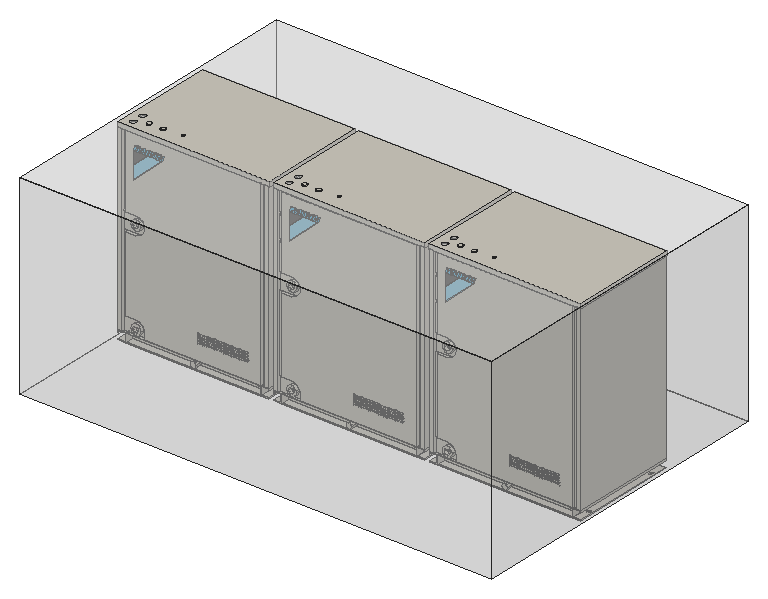
Revit family "outputfile", category 機械設備, Revit 2024
Family settings
  丸型コネクタ寸法 = 半径を使用
  種別 = なし
  パーツ タイプ = 標準
  OmniClass 番号 = 23.75.10.24.21.27.27
  OmniClass タイトル = Split System Air Conditioning Units
  作業面ベース = いいえ
  常に垂直 = はい
  ロード時にボイドで切り取り = いいえ
  注釈の向きを維持 = いいえ
  共有 = いいえ
  部屋計算ポイント = いいえ
Parameters (values of type "RWEYQ36TY1S")
  製造元 = "Daikin"
  書き出し IFC クラス(タイプ) = "IfcUnitaryEquipmentType"
  定義済み IFC タイプ(タイプ) = "AIRCONDITIONINGUNIT"
  モデル = "RWEYQ36TY1S"
  w_unit3 = 780.0 mm
  w_unit2 = 780.0 mm
  w_unit1 = 780.0 mm
  switch_unit3_6-8 [instance] = if(Reverse_ModuleSequence, if(default_unit1 = 1, 1 = 1, 1 = 0), if(default_unit3 = 1, 1 = 1, 1 = 0))  # no
  switch_unit3_12 [instance] = if(Reverse_ModuleSequence, if(default_unit1 = 3, 1 = 1, 1 = 0), if(default_unit3 = 3, 1 = 1, 1 = 0))  # yes
  switch_unit3_10 [instance] = if(Reverse_ModuleSequence, if(default_unit1 = 2, 1 = 1, 1 = 0), if(default_unit3 = 2, 1 = 1, 1 = 0))  # no
  switch_unit2_6-8 [instance] = if(default_unit2 = 1, 1 = 1, 1 = 0)  # no
  switch_unit2_12 [instance] = if(default_unit2 = 3, 1 = 1, 1 = 0)  # yes
  switch_unit2_10 [instance] = if(default_unit2 = 2, 1 = 1, 1 = 0)  # no
  switch_unit1_6-8 [instance] = if(Reverse_ModuleSequence, if(default_unit3 = 1, 1 = 1, 1 = 0), if(default_unit1 = 1, 1 = 1, 1 = 0))  # no
  switch_unit1_12 [instance] = if(Reverse_ModuleSequence, if(default_unit3 = 3, 1 = 1, 1 = 0), if(default_unit1 = 3, 1 = 1, 1 = 0))  # yes
  switch_unit1_10 [instance] = if(Reverse_ModuleSequence, if(default_unit3 = 2, 1 = 1, 1 = 0), if(default_unit1 = 2, 1 = 1, 1 = 0))  # no
  default_Water Outlet Pipe Connection_Unit 3 = 31.8 mm
  default_Water Outlet Pipe Connection_Unit 2 = 31.8 mm
  default_Water Outlet Pipe Connection_Unit 1 = 31.8 mm
  default_Water Inlet Pipe Connection_Unit 3 = 31.8 mm
  default_Water Inlet Pipe Connection_Unit 2 = 31.8 mm
  default_Water Inlet Pipe Connection_Unit 1 = 31.8 mm
  angle_Drain [instance] = if(Rear Connection_Drain, 180.00°, 0.00°)  # 0.00°
  r_Water Outlet Pipe Connection_unit3 [instance] = Water Outlet Pipe Connection_Unit3 / 2  # 15.9 mm
  r_Water Outlet Pipe Connection_unit2 [instance] = Water Outlet Pipe Connection_Unit2 / 2  # 15.9 mm
  r_Water Outlet Pipe Connection_unit1 [instance] = Water Outlet Pipe Connection_Unit1 / 2  # 15.9 mm
  r_Water Inlet Pipe Connection_unit3 [instance] = Water Inlet Pipe Connection_Unit3 / 2  # 15.9 mm
  r_Water Inlet Pipe Connection_unit2 [instance] = Water Inlet Pipe Connection_Unit2 / 2  # 15.9 mm
  r_Water Inlet Pipe Connection_unit1 [instance] = Water Inlet Pipe Connection_Unit1 / 2  # 15.9 mm
  r_Liquid Pipe Size_unit3 [instance] = Liquid Pipe Size_Unit 3 / 2  # 6.35 mm
  r_Liquid Pipe Size_unit2 [instance] = Liquid Pipe Size_Unit 2 / 2  # 6.35 mm
  r_HP/LP Gas Pipe Size_unit3 [instance] = [HP/LP Gas Pipe Size_Unit 3] / 2  # 11.1 mm
  r_HP/LP Gas Pipe Size_unit2 [instance] = [HP/LP Gas Pipe Size_Unit 2] / 2  # 11.1 mm
  r_HP/LP Gas Pipe Size_unit1 [instance] = [HP/LP Gas Pipe Size_Unit 1] / 2  # 11.1 mm
  r_Gas Pipe Size_unit3 [instance] = Gas Pipe Size_Unit 3 / 2  # 11.1 mm
  r_Gas Pipe Size_unit2 [instance] = Gas Pipe Size_Unit 2 / 2  # 11.1 mm
  r_Drain Pipe Size = Drain Pipe Size / 2  # 6.35 mm
  lw_powersupply3 = 51.0 mm
  lw_powersupply2 = 51.0 mm
  lw_liquidpipe3 = 274.0 mm
  lw_liquidpipe2 = 274.0 mm
  lw_gaspipe3 [instance] = if(Heat Pump, 107.0 mm, 178.0 mm)  # 107.0 mm
  lw_gaspipe2 [instance] = if(Heat Pump, 107.0 mm, 178.0 mm)  # 107.0 mm
  lw_Water Outlet3 = 95.0 mm
  lw_Water Outlet2 = 95.0 mm
  lw_Water Outlet1 = 95.0 mm
  lw_Water Inlet3 = 95.0 mm
  lw_Water Inlet2 = 95.0 mm
  lw_Water Inlet1 = 95.0 mm
  lw_HP/LP Gas Pipe3 [instance] = if(Heat Pump, 178.0 mm, 107.0 mm)  # 178.0 mm
  lw_HP/LP Gas Pipe2 [instance] = if(Heat Pump, 178.0 mm, 107.0 mm)  # 178.0 mm
  lw_HP/LP Gas Pipe1 [instance] = if(Heat Pump, 178.0 mm, 107.0 mm)  # 178.0 mm
  lw_Drain3 = 390.0 mm
  lw_Drain2 = 390.0 mm
  lw_Drain1 = 390.0 mm
  ld_HP/LP Gas Pipe = 69.0 mm
  h_mountinghole = [h_***] + 2.3 mm  # 2.3 mm
  r_Liquid Pipe Size_unit1 [instance] = Liquid Pipe Size_Unit 1 / 2  # 6.35 mm
  r_Gas Pipe Size_unit1 [instance] = Gas Pipe Size_Unit 1 / 2  # 11.1 mm
  distance_unit2-3 [instance] = 20.0 mm
  distance_unit1-2 [instance] = 20.0 mm
  default_unit3 = 3
  default_unit2 = 3
  default_unit1 = 3
  default_Model_Unit 3 = "RWEYQ12TY1S"
  default_Model_Unit 2 = "RWEYQ12TY1S"
  default_Model_Unit 1 = "RWEYQ12TY1S"
  default_Liquid Pipe Size_Unit 3 = 12.7 mm
  default_Liquid Pipe Size_Unit 2 = 12.7 mm
  default_Liquid Pipe Size_Unit 1 = 12.7 mm
  default_HP/LP Gas Pipe Size_Unit 3 [instance] = if(and(Heat Pump, [switch_unit3_6-8]), 19.1 mm, if(and(Heat Pump, switch_unit3_10), 22.2 mm, if(and(Heat Pump, switch_unit3_12), 22.2 mm, if(and(Heat Recovery, [switch_unit3_6-8]), 15.9 mm, if(and(Heat Recovery, switch_unit3_10), 19.1 mm, if(and(Heat Recovery, switch_unit3_12), 19.1 mm, 19.1 mm))))))  # 22.2 mm
  default_HP/LP Gas Pipe Size_Unit 2 [instance] = if(and(Heat Pump, [switch_unit2_6-8]), 19.1 mm, if(and(Heat Pump, switch_unit2_10), 22.2 mm, if(and(Heat Pump, switch_unit2_12), 22.2 mm, if(and(Heat Recovery, [switch_unit2_6-8]), 15.9 mm, if(and(Heat Recovery, switch_unit2_10), 19.1 mm, if(and(Heat Recovery, switch_unit2_12), 19.1 mm, 19.1 mm))))))  # 22.2 mm
  default_HP/LP Gas Pipe Size_Unit 1 [instance] = if(and(Heat Pump, [switch_unit1_6-8]), 19.1 mm, if(and(Heat Pump, switch_unit1_10), 22.2 mm, if(and(Heat Pump, switch_unit1_12), 22.2 mm, if(and(Heat Recovery, [switch_unit1_6-8]), 15.9 mm, if(and(Heat Recovery, switch_unit1_10), 19.1 mm, if(and(Heat Recovery, switch_unit1_12), 19.1 mm, 19.1 mm))))))  # 22.2 mm
  default_Gas Pipe Size_Unit 3 = 22.2 mm
  default_Gas Pipe Size_Unit 2 = 22.2 mm
  default_Gas Pipe Size_Unit 1 = 22.2 mm
  Water Outlet Pipe Connection_Unit3 [instance] = if(Reverse_ModuleSequence, default_Water Outlet Pipe Connection_Unit 1, default_Water Outlet Pipe Connection_Unit 3)  # 31.8 mm
  Water Outlet Pipe Connection_Unit2 [instance] = if(Reverse_ModuleSequence, default_Water Inlet Pipe Connection_Unit 2, default_Water Inlet Pipe Connection_Unit 2)  # 31.8 mm
  Water Outlet Pipe Connection_Unit1 [instance] = if(Reverse_ModuleSequence, default_Water Outlet Pipe Connection_Unit 3, default_Water Outlet Pipe Connection_Unit 1)  # 31.8 mm
  Water Inlet Pipe Connection_Unit3 [instance] = if(Reverse_ModuleSequence, default_Water Inlet Pipe Connection_Unit 1, default_Water Inlet Pipe Connection_Unit 3)  # 31.8 mm
  Water Inlet Pipe Connection_Unit2 [instance] = if(Reverse_ModuleSequence, default_Water Outlet Pipe Connection_Unit 2, default_Water Outlet Pipe Connection_Unit 2)  # 31.8 mm
  Water Inlet Pipe Connection_Unit1 [instance] = if(Reverse_ModuleSequence, default_Water Inlet Pipe Connection_Unit 3, default_Water Inlet Pipe Connection_Unit 1)  # 31.8 mm
  Voltage_comment_50Hz = "380-415"
  Voltage_50Hz = 400 V
  Top Connection_powersupply2 [instance] = not(Top Connection_powersupply1)  # no
  Sound Power Level (dB) = 77
  Reverse_ModuleSequence [instance] = no
  Rear Connection_Drain [instance] = not(Front Connection_Drain)  # no
  Power Input (Heating) = 23.600 kW
  Phase_50Hz = 3
  Nominal Heating Capacity = 113.000 kW
  Model_Unit 3 [instance] = if(Reverse_ModuleSequence, default_Model_Unit 1, default_Model_Unit 3)  # "RWEYQ12TY1S"
  Model_Unit 2 [instance] = if(Reverse_ModuleSequence, default_Model_Unit 2, default_Model_Unit 2)  # "RWEYQ12TY1S"
  Model_Unit 1 [instance] = if(Reverse_ModuleSequence, default_Model_Unit 3, default_Model_Unit 1)  # "RWEYQ12TY1S"
  Minimum Circuit Amps_50Hz = 40.9 A
  Maximum Fuse Amps_50Hz = 45.0 A
  Material_Heat Exchanger = DAIKIN_Blue_HE_outdoorunit
  Material_Casing = DAIKIN_IvoryWhite_Casing_outdoorunit
  lw_powersupply1 = 51.0 mm
  lw_liquidpipe1 = 274.0 mm
  lw_gaspipe1 [instance] = if(Heat Pump, 107.0 mm, 178.0 mm)  # 107.0 mm
  lh_powersupply = 940.0 mm
  ld_powersupply [instance] = if(Top Connection_powersupply1, 38.0 mm, 98.0 mm)  # 38.0 mm
  ld_liquidpipe = 79.0 mm
  ld_gaspipe = 69.0 mm
  h_*** = 0.0 mm
  Width [instance] = [distance_unit1-2] + [distance_unit2-3] + w_unit1 + w_unit2 + w_unit3  # 2380.0 mm
  Version = "ver.1.0"
  Unit Type = ""
  Unit Mass Weight = 441.00 kg
  Unit Designation [instance] = ""
  Uniclass2015Version = "Products v1.30"
  Uniclass2015Title = "Variable refrigerant flow units"
  Uniclass2015Code = "Pr_70_65_03_94"
  Total Cooling Capacity [instance] = 0.000 kW
  Sound Pressure Level (dBA) = 58
  Series = "VRV Heat Recovery"
  Refrigerant_Base Charge = 12.600 kg
  Refrigerant_Additional Charge [instance] = 0.000 kg
  Refrigerant Type = "R410A"
  Power Input (Cooling) = 22.000 kW
  Option Accessory 3 [instance] = ""
  Option Accessory 2 [instance] = ""
  Option Accessory 1 [instance] = ""
  Nominal Cooling Capacity = 101.000 kW
  Load Classification = HVAC
  Liquid Pipe Size_Unit 3 [instance] = if(Reverse_ModuleSequence, default_Liquid Pipe Size_Unit 1, default_Liquid Pipe Size_Unit 3)  # 12.7 mm
  Liquid Pipe Size_Unit 2 [instance] = if(Reverse_ModuleSequence, default_Liquid Pipe Size_Unit 2, default_Liquid Pipe Size_Unit 2)  # 12.7 mm
  Liquid Pipe Size_Unit 1 [instance] = if(Reverse_ModuleSequence, default_Liquid Pipe Size_Unit 3, default_Liquid Pipe Size_Unit 1)  # 12.7 mm
  Link_Nested Family [instance] = ""
  Intermediate Liquid Pipe Size_Unit1-2 = 19.1 mm
  Intermediate HP/LP Gas Pipe Size_Unit1-2 = 22.2 mm
  Intermediate Gas Pipe Size_Unit1-2 = 28.6 mm
  IfcVersion = ""
  IfcExportType = "AIRCONDITIONINGUNIT"
  IfcExportAs = "IfcUnitaryEquipmentType"
  Height = 1000.0 mm
  Heat Recovery [instance] = not(Heat Pump)  # no
  Heat Pump [instance] = yes
  Heat Exchanger Type = "Stainless Steel Plate"
  HP/LP Gas Pipe Size_Unit 3 [instance] = [default_HP/LP Gas Pipe Size_Unit 3]  # 22.2 mm
  HP/LP Gas Pipe Size_Unit 2 [instance] = [default_HP/LP Gas Pipe Size_Unit 2]  # 22.2 mm
  HP/LP Gas Pipe Size_Unit 1 [instance] = [default_HP/LP Gas Pipe Size_Unit 1]  # 22.2 mm
  Gas Pipe Size_Unit 3 [instance] = if(Reverse_ModuleSequence, default_Gas Pipe Size_Unit 1, default_Gas Pipe Size_Unit 3)  # 22.2 mm
  Gas Pipe Size_Unit 2 [instance] = if(Reverse_ModuleSequence, default_Gas Pipe Size_Unit 2, default_Gas Pipe Size_Unit 2)  # 22.2 mm
  Gas Pipe Size_Unit 1 [instance] = if(Reverse_ModuleSequence, default_Gas Pipe Size_Unit 3, default_Gas Pipe Size_Unit 1)  # 22.2 mm
  Top Connection_powersupply1 [instance] = yes
  Front Connection_Drain [instance] = yes
  Frequency_50Hz = 50 Hz
  Drain Pipe Size = 12.7 mm
  Depth = 550.0 mm
  既定の高さ = 0.0 mm
  Cooling Ambient Wet Bulb Temperature [instance] = 0.00 °C
  Cooling Ambient Dry Bulb Temperature [instance] = 0.00 °C
  Compressor Type = "Hermetically Sealed Scroll Type"
  Clearance visibility [instance] = yes
  Clearance Top = 0.0 mm
  Clearance Right = 20.0 mm
  Clearance Rear = 500.0 mm
  Clearance Left = 20.0 mm
  Clearance Front = 600.0 mm
  Clearance Bottom = 0.0 mm
  CU Tag No. [instance] = ""
Reference planes
  plane 1 "Center (Front/Back)": y = 0
  plane 2 "h_***": z = 0
  plane 3 "Center (Left/Right)": x = 0
  plane 4 "Back": y = 275
  plane 5 "Front": y = -275
  plane 6 "Left": x = -390
  plane 7 "w_unit1": x = 390
  plane 8 "Top": z = 1000
  plane 9 "Clearance Rear": y = 775
  plane 10 "Clearance Front": y = -875
  plane 11 "Clearance Left": x = -410
  plane 12 "Clearance Right": x = 2010
  plane 13 "Clearance Top": z = 1000
  plane 14 "Clearance Bottom": z = 0
  plane 15 "Bottom": z = 0
  plane 16 "lw_powersupply1": x = -339
  plane 17 "ld_powersupply": y = -237
  plane 18 "lw_liquidpipe1": x = -116
  plane 19 "Rear Connection_refrigetant": y = -196
  plane 20 "lw_gaspipe1": x = -283
  plane 21 "ld_gaspipe": y = -206
  plane 22 "lh_logo": z = 900
  plane 23 "lw_logo": x = 100
  plane 24 "lh_powersupply": z = 940
  plane 25 "lw_HP/LP Gas Pipe1": x = -212
  plane 26 "ld_HP/LP Gas Pipe": y = -206
  plane 27 "l_unit2": x = 410
  plane 28 "w_unit2": x = 1190
  plane 29 "lw_powersupply2": x = 461
  plane 30 "lw_liquidpipe2": x = 684
  plane 31 "lw_gaspipe2": x = 517
  plane 32 "lw_HP/LP Gas Pipe2": x = 588
  plane 33 "Right": x = 1990
  plane 34 "叴": x = 1210
  plane 35 "叵": x = 1261
  plane 36 "叶": x = 1484
  plane 37 "号": x = 1317
  plane 38 "司": x = 1388
  plane 39 "lw_Water Inlet1": x = -295
  plane 40 "lw_Water Inlet2": x = 505
  plane 41 "lw_Water Inlet3": x = 1305
  plane 42 "lw_Water Outlet1": x = -295
  plane 43 "lw_Water Outlet2": x = 505
  plane 44 "lw_Water Outlet3": x = 1305
  plane 45 "lw_Drain1": x = 0
  plane 46 "lw_Drain2": x = 800
  plane 47 "lw_Drain3": x = 1600
Dimensions and locks
  equal spacing: plane 4 "Back", plane 1 "Center (Front/Back)", plane 5 "Front"
  "Depth": plane 4 "Back" to plane 5 "Front"
  equal spacing: plane 6 "Left", plane 3 "Center (Left/Right)", plane 7 "w_unit1"
  "w_unit1": plane 6 "Left" to plane 7 "w_unit1"
  "Clearance Rear": plane 9 "Clearance Rear" to plane 4 "Back"
  "Clearance Front": plane 10 "Clearance Front" to plane 5 "Front"
  "Clearance Left": plane 11 "Clearance Left" to plane 6 "Left"
  "Clearance Top": plane 13 "Clearance Top" to plane 8 "Top"
  "h_***": plane 15 "Bottom" to plane 2 "h_***"
  "Height": plane 8 "Top" to plane 15 "Bottom"
  "Clearance Bottom": plane 15 "Bottom" to plane 14 "Clearance Bottom"
  "ld_powersupply": plane 17 "ld_powersupply" to plane 5 "Front"
  "ld_liquidpipe": plane 19 "Rear Connection_refrigetant" to plane 5 "Front"
  "ld_gaspipe": plane 21 "ld_gaspipe" to plane 5 "Front"
  locked: plane 23 "lw_logo" to plane 7 "w_unit1" at 290
  locked: plane 22 "lh_logo" to plane 15 "Bottom" at 900
  "lw_gaspipe1": plane 6 "Left" to plane 20 "lw_gaspipe1"
  "lw_liquidpipe1": plane 6 "Left" to plane 18 "lw_liquidpipe1"
  "lw_powersupply1": plane 6 "Left" to plane 16 "lw_powersupply1"
  "lh_powersupply": plane 24 "lh_powersupply" to plane 15 "Bottom"
  "lw_HP/LP Gas Pipe1": plane 6 "Left" to plane 25 "lw_HP/LP Gas Pipe1"
  "ld_HP/LP Gas Pipe": plane 26 "ld_HP/LP Gas Pipe" to plane 5 "Front"
  "distance_unit1-2": plane 7 "w_unit1" to plane 27 "l_unit2"
  "lw_powersupply2": plane 27 "l_unit2" to plane 29 "lw_powersupply2"
  "lw_HP/LP Gas Pipe2": plane 27 "l_unit2" to plane 32 "lw_HP/LP Gas Pipe2"
  "lw_gaspipe2": plane 27 "l_unit2" to plane 31 "lw_gaspipe2"
  "lw_liquidpipe2": plane 27 "l_unit2" to plane 30 "lw_liquidpipe2"
  "w_unit2": plane 27 "l_unit2" to plane 28 "w_unit2"
  "distance_unit2-3": plane 28 "w_unit2" to plane 34 "叴"
  "Width": plane 6 "Left" to plane 33 "Right"
  "Clearance Right": plane 33 "Right" to plane 12 "Clearance Right"
  "lw_powersupply3": plane 34 "叴" to plane 35 "叵"
  "lw_HP/LP Gas Pipe3": plane 34 "叴" to plane 38 "司"
  "lw_gaspipe3": plane 34 "叴" to plane 37 "号"
  "lw_liquidpipe3": plane 34 "叴" to plane 36 "叶"
  "lw_Water Inlet1": plane 6 "Left" to plane 39 "lw_Water Inlet1"
  "lw_Water Inlet2": plane 27 "l_unit2" to plane 40 "lw_Water Inlet2"
  "lw_Water Inlet3": plane 34 "叴" to plane 41 "lw_Water Inlet3"
  "lw_Water Outlet1": plane 6 "Left" to plane 42 "lw_Water Outlet1"
  "lw_Water Outlet2": plane 27 "l_unit2" to plane 43 "lw_Water Outlet2"
  "lw_Water Outlet3": plane 34 "叴" to plane 44 "lw_Water Outlet3"
  "lw_Drain1": plane 6 "Left" to plane 45 "lw_Drain1"
  "lw_Drain2": plane 27 "l_unit2" to plane 46 "lw_Drain2"
  "lw_Drain3": plane 34 "叴" to plane 47 "lw_Drain3"
  aligned and locked: level to plane 2 "h_***"
  aligned and locked: nested 2 to plane 9 "Clearance Rear"
  aligned and locked: nested 2 to plane 10 "Clearance Front"
  aligned and locked: plane 11 "Clearance Left" to nested 2
  aligned and locked: plane 12 "Clearance Right" to nested 2
  aligned and locked: nested 2 to plane 13 "Clearance Top"
  aligned and locked: nested 2 to plane 14 "Clearance Bottom"
  aligned and locked: plane 8 "Top" to nested 1
  aligned and locked: plane 22 "lh_logo" to nested 7
  aligned and locked: nested 8 to plane 16 "lw_powersupply1"
  aligned and locked: nested 9 to plane 20 "lw_gaspipe1"
  aligned and locked: nested 10 to plane 18 "lw_liquidpipe1"
  aligned and locked: nested 10 to plane 19 "Rear Connection_refrigetant"
  aligned and locked: nested 9 to plane 21 "ld_gaspipe"
  aligned and locked: nested 8 to plane 17 "ld_powersupply"
  aligned and locked: plane 5 "Front" to nested 7
  aligned and locked: plane 24 "lh_powersupply" to nested 8
  aligned and locked: plane 27 "l_unit2" to nested 11
  aligned and locked: nested 17 to plane 29 "lw_powersupply2"
  aligned and locked: nested 17 to plane 17 "ld_powersupply"
  aligned and locked: nested 18 to plane 31 "lw_gaspipe2"
  aligned and locked: nested 18 to plane 26 "ld_HP/LP Gas Pipe"
  aligned and locked: plane 1 "Center (Front/Back)" to nested 20
  aligned and locked: plane 34 "叴" to nested 20
  aligned and locked: nested 27 to plane 35 "叵"
  aligned and locked: nested 28 to plane 37 "号"
  aligned and locked: nested 26 to plane 36 "叶"
  aligned and locked: plane 17 "ld_powersupply" to nested 27
  aligned and locked: plane 21 "ld_gaspipe" to nested 28
  aligned and locked: plane 19 "Rear Connection_refrigetant" to nested 26
  aligned and locked: nested 27 to plane 24 "lh_powersupply"
  aligned and locked: plane 39 "lw_Water Inlet1" to nested 29
  aligned and locked: plane 40 "lw_Water Inlet2" to nested 30
  aligned and locked: plane 41 "lw_Water Inlet3" to nested 31
  aligned and locked: plane 42 "lw_Water Outlet1" to nested 32
  aligned and locked: plane 43 "lw_Water Outlet2" to nested 33
  aligned and locked: plane 44 "lw_Water Outlet3" to nested 34
  aligned and locked: plane 45 "lw_Drain1" to nested 35
  aligned and locked: plane 46 "lw_Drain2" to nested 36
  aligned and locked: plane 47 "lw_Drain3" to nested 37
  aligned and locked: plane 1 "Center (Front/Back)" to nested 29
  aligned and locked: plane 1 "Center (Front/Back)" to nested 32
  aligned and locked: plane 1 "Center (Front/Back)" to nested 31
  aligned and locked: plane 1 "Center (Front/Back)" to nested 30
  aligned and locked: plane 1 "Center (Front/Back)" to nested 33
  aligned and locked: plane 1 "Center (Front/Back)" to nested 35
  aligned and locked: plane 1 "Center (Front/Back)" to nested 34
  aligned and locked: plane 1 "Center (Front/Back)" to nested 37
  aligned and locked: plane 1 "Center (Front/Back)" to nested 36
  aligned and locked: plane 25 "lw_HP/LP Gas Pipe1" to nested 38
  aligned and locked: plane 32 "lw_HP/LP Gas Pipe2" to nested 39
  aligned and locked: plane 38 "司" to nested 40
  aligned and locked: nested 38 to plane 26 "ld_HP/LP Gas Pipe"
  aligned and locked: nested 39 to plane 26 "ld_HP/LP Gas Pipe"
  aligned and locked: plane 26 "ld_HP/LP Gas Pipe" to nested 40
Nested families
  nested 1: "DAIKIN_outdoorunit_RWEYQ-TY1S" at (-31, 0, 0), h_*** <- "h_***", Link_Nest <- "Link_Nested Family", h_mountinghole <- "h_mountinghole", Width <- "w_unit1", switch_unit1_6-8 <- "switch_unit1_6-8", switch_unit1_10 <- "switch_unit1_10", switch_unit1_12 <- "switch_unit1_12", type "RWEYQ-TY1S"
    with switch_unit1_6-8 no, switch_unit1_12 yes, switch_unit1_10 no, show_fixedhole yes, h_mountinghole 2.3 mm, h_antenna_mountinghole 998.7 mm, h_*** 0.0 mm, array_bolt 5, Width 780.0 mm, Liquid Pipe Size_Unit 1 12.7 mm, Link_Nest "", HP/LP Pipe Size_Unit 1 22.2 mm, Gas Pipe Size_Unit 1 22.2 mm
  nested 2: "daikin_clearancespace" at (800, -50, 500.119), visible <- "Clearance visibility", show <- "Clearance visibility", Link_Nested Family <- "Link_Nested Family", type "daikin_clearancespace"
    with width 2420.0 mm, show yes, height 1000.0 mm, depth 1650.0 mm, Link_Nested Family ""
  nested 3: "daikin_mountinghole" at (-372, 200, 0), type "daikin_mountinghole"
    with show yes, l_antenna 998.7 mm, h_mountinghole 2.3 mm, Link_Nested Family ""
  nested 4: "daikin_mountinghole" at (372, 200, 0), type "daikin_mountinghole"
    with show yes, l_antenna 998.7 mm, h_mountinghole 2.3 mm, Link_Nested Family ""
  nested 5: "daikin_mountinghole" at (-372, -200, 0), type "daikin_mountinghole"
    with show yes, l_antenna 998.7 mm, h_mountinghole 2.3 mm, Link_Nested Family ""
  nested 6: "daikin_mountinghole" at (372, -200, 0), type "daikin_mountinghole"
    with show yes, l_antenna 998.7 mm, h_mountinghole 2.3 mm, Link_Nested Family ""
  nested 7: "daikin_logo_elevation_w150" at (-212.5, -275, 744.568), type "daikin_logo_elevation_w150"
    with show_logo yes
  nested 8: "daikin_connector_rotate3" at (-339, -237, 940) x (-1, 0, 0) z (0, 0, -1), type "daikin_connector_rotate3"
    with show no, radius 10.0 mm, length 60.0 mm, angle_vertical 0.00°, angle_horizontal 0.00°
  nested 9: "daikin_connector_rotate3" at (-283, -206, 940) x (-1, 0, 0) z (0, 0, -1), radius <- "r_Gas Pipe Size_unit1", type "daikin_connector_rotate3"
    with show no, radius 11.1 mm, length 60.0 mm, angle_vertical 0.00°, angle_horizontal 0.00°
  nested 10: "daikin_connector_rotate3" at (-116, -196, 940) x (-1, 0, 0) z (0, 0, -1), radius <- "r_Liquid Pipe Size_unit1", type "daikin_connector_rotate3"
    with show no, radius 6.35 mm, length 60.0 mm, angle_vertical 0.00°, angle_horizontal 0.00°
  nested 11: "DAIKIN_outdoorunit_RWEYQ-TY1S" at (769, 0, 0), Width <- "w_unit2", switch_unit1_6-8 <- "switch_unit2_6-8", switch_unit1_10 <- "switch_unit2_10", switch_unit1_12 <- "switch_unit2_12", type "RWEYQ-TY1S"
    with switch_unit1_6-8 no, switch_unit1_12 yes, switch_unit1_10 no, show_fixedhole yes, h_mountinghole 2.3 mm, h_antenna_mountinghole 998.7 mm, h_*** 0.0 mm, array_bolt 5, Width 780.0 mm, Liquid Pipe Size_Unit 1 12.7 mm, Link_Nest "", HP/LP Pipe Size_Unit 1 22.2 mm, Gas Pipe Size_Unit 1 22.2 mm
  nested 12: "daikin_mountinghole" at (428, 200, 0), type "daikin_mountinghole"
    with show yes, l_antenna 998.7 mm, h_mountinghole 2.3 mm, Link_Nested Family ""
  nested 13: "daikin_mountinghole" at (1172, 200, 0), type "daikin_mountinghole"
    with show yes, l_antenna 998.7 mm, h_mountinghole 2.3 mm, Link_Nested Family ""
  nested 14: "daikin_mountinghole" at (428, -200, 0), type "daikin_mountinghole"
    with show yes, l_antenna 998.7 mm, h_mountinghole 2.3 mm, Link_Nested Family ""
  nested 15: "daikin_mountinghole" at (1172, -200, 0), type "daikin_mountinghole"
    with show yes, l_antenna 998.7 mm, h_mountinghole 2.3 mm, Link_Nested Family ""
  nested 16: "daikin_connector_rotate3" at (684, -196, 940) x (-1, 0, 0) z (0, 0, -1), radius <- "r_Liquid Pipe Size_unit2", type "daikin_connector_rotate3"
    with show no, radius 6.35 mm, length 60.0 mm, angle_vertical 0.00°, angle_horizontal 0.00°
  nested 17: "daikin_connector_rotate3" at (461, -237, 940) x (-1, 0, 0) z (0, 0, -1), type "daikin_connector_rotate3"
    with show no, radius 10.0 mm, length 60.0 mm, angle_vertical 0.00°, angle_horizontal 0.00°
  nested 18: "daikin_connector_rotate3" at (517, -206, 940) x (-1, 0, 0) z (0, 0, -1), radius <- "r_Gas Pipe Size_unit2", type "daikin_connector_rotate3"
    with show no, radius 11.1 mm, length 60.0 mm, angle_vertical 0.00°, angle_horizontal 0.00°
  nested 19: "daikin_logo_elevation_w150" at (587.5, -275, 744.568), type "daikin_logo_elevation_w150"
    with show_logo yes
  nested 20: "DAIKIN_outdoorunit_RWEYQ-TY1S" at (1569, 0, 0), switch_unit1_6-8 <- "switch_unit3_6-8", switch_unit1_10 <- "switch_unit3_10", switch_unit1_12 <- "switch_unit3_12", Width <- "w_unit3", type "RWEYQ-TY1S"
    with switch_unit1_6-8 no, switch_unit1_12 yes, switch_unit1_10 no, show_fixedhole yes, h_mountinghole 2.3 mm, h_antenna_mountinghole 998.7 mm, h_*** 0.0 mm, array_bolt 5, Width 780.0 mm, Liquid Pipe Size_Unit 1 12.7 mm, Link_Nest "", HP/LP Pipe Size_Unit 1 22.2 mm, Gas Pipe Size_Unit 1 22.2 mm
  nested 21: "daikin_mountinghole" at (1228, 200, 0), type "daikin_mountinghole"
    with show yes, l_antenna 998.7 mm, h_mountinghole 2.3 mm, Link_Nested Family ""
  nested 22: "daikin_mountinghole" at (1972, 200, 0), type "daikin_mountinghole"
    with show yes, l_antenna 998.7 mm, h_mountinghole 2.3 mm, Link_Nested Family ""
  nested 23: "daikin_mountinghole" at (1228, -200, 0), type "daikin_mountinghole"
    with show yes, l_antenna 998.7 mm, h_mountinghole 2.3 mm, Link_Nested Family ""
  nested 24: "daikin_mountinghole" at (1972, -200, 0), type "daikin_mountinghole"
    with show yes, l_antenna 998.7 mm, h_mountinghole 2.3 mm, Link_Nested Family ""
  nested 25: "daikin_logo_elevation_w150" at (1387.5, -275, 744.568), type "daikin_logo_elevation_w150"
    with show_logo yes
  nested 26: "daikin_connector_rotate3" at (1484, -196, 940) x (-1, 0, 0) z (0, 0, -1), radius <- "r_Liquid Pipe Size_unit3", type "daikin_connector_rotate3"
    with show no, radius 6.35 mm, length 60.0 mm, angle_vertical 0.00°, angle_horizontal 0.00°
  nested 27: "daikin_connector_rotate3" at (1261, -237, 940) x (-1, 0, 0) z (0, 0, -1), type "daikin_connector_rotate3"
    with show no, radius 10.0 mm, length 60.0 mm, angle_vertical 0.00°, angle_horizontal 0.00°
  nested 28: "daikin_connector_rotate3" at (1317, -206, 940) x (-1, 0, 0) z (0, 0, -1), radius <- "r_Gas Pipe Size_unit3", type "daikin_connector_rotate3"
    with show no, radius 11.1 mm, length 60.0 mm, angle_vertical 0.00°, angle_horizontal 0.00°
  nested 29: "daikin_connector_rotate3" at (-295, 0, 76), radius <- "r_Water Inlet Pipe Connection_unit1", type "daikin_connector_rotate3"
    with show no, radius 15.9 mm, length 275.0 mm, angle_vertical 90.00°, angle_horizontal 0.00°
  nested 30: "daikin_connector_rotate3" at (505, 0, 76), radius <- "r_Water Inlet Pipe Connection_unit2", type "daikin_connector_rotate3"
    with show no, radius 15.9 mm, length 275.0 mm, angle_vertical 90.00°, angle_horizontal 0.00°
  nested 31: "daikin_connector_rotate3" at (1305, 0, 76), radius <- "r_Water Inlet Pipe Connection_unit3", type "daikin_connector_rotate3"
    with show no, radius 15.9 mm, length 275.0 mm, angle_vertical 90.00°, angle_horizontal 0.00°
  nested 32: "daikin_connector_rotate3" at (-295, 0, 556), radius <- "r_Water Outlet Pipe Connection_unit1", type "daikin_connector_rotate3"
    with show no, radius 15.9 mm, length 275.0 mm, angle_vertical 90.00°, angle_horizontal 0.00°
  nested 33: "daikin_connector_rotate3" at (505, 0, 556), radius <- "r_Water Outlet Pipe Connection_unit2", type "daikin_connector_rotate3"
    with show no, radius 15.9 mm, length 275.0 mm, angle_vertical 90.00°, angle_horizontal 0.00°
  nested 34: "daikin_connector_rotate3" at (1305, 0, 556), radius <- "r_Water Outlet Pipe Connection_unit3", type "daikin_connector_rotate3"
    with show no, radius 15.9 mm, length 275.0 mm, angle_vertical 90.00°, angle_horizontal 0.00°
  nested 35: "daikin_connector_rotate3" at (0, 0, 19), angle_horizontal <- "angle_Drain", radius <- "r_Drain Pipe Size", type "daikin_connector_rotate3"
    with show no, radius 6.35 mm, length 275.0 mm, angle_vertical 90.00°, angle_horizontal 0.00°
  nested 36: "daikin_connector_rotate3" at (800, 0, 19), angle_horizontal <- "angle_Drain", radius <- "r_Drain Pipe Size", type "daikin_connector_rotate3"
    with show no, radius 6.35 mm, length 275.0 mm, angle_vertical 90.00°, angle_horizontal 0.00°
  nested 37: "daikin_connector_rotate3" at (1600, 0, 19), angle_horizontal <- "angle_Drain", radius <- "r_Drain Pipe Size", type "daikin_connector_rotate3"
    with show no, radius 6.35 mm, length 275.0 mm, angle_vertical 90.00°, angle_horizontal 0.00°
  nested 38: "daikin_connector_rotate3" at (-212, -206, 940) x (1, 0, 0) z (0, 0, -1), radius <- "r_HP/LP Gas Pipe Size_unit1", type "daikin_connector_rotate3"
    with show no, radius 11.1 mm, length 60.0 mm, angle_vertical 0.00°, angle_horizontal 0.00°
  nested 39: "daikin_connector_rotate3" at (588, -206, 940) x (1, 0, 0) z (0, 0, -1), radius <- "r_HP/LP Gas Pipe Size_unit2", type "daikin_connector_rotate3"
    with show no, radius 11.1 mm, length 60.0 mm, angle_vertical 0.00°, angle_horizontal 0.00°
  nested 40: "daikin_connector_rotate3" at (1388, -206, 940) x (1, 0, 0) z (0, 0, -1), radius <- "r_HP/LP Gas Pipe Size_unit3", type "daikin_connector_rotate3"
    with show no, radius 11.1 mm, length 60.0 mm, angle_vertical 0.00°, angle_horizontal 0.00°
Connectors
  piping at (-116, -196, 1000), diameter 12.7, driven by "r_Liquid Pipe Size_unit1"
    settings: on nested 10, index 12, connector inside diameter 609.6 mm, connector length 0.0 mm, flow factor 0, pipe flow 0.00 m³/h, pressure drop 0.0 Pa, fitting loss kfactor 0, connector angle 0.00°, fixture units 0, engagement length 0.0 mm, angle of deflection 0.00°, flow configuration 0, flow direction 2, fitting loss method 0, system type 29, joint type 0, gender type 0, connector reference index -1, connector utility 0, adjustable connector no, is connector primary no, connector description "Refrigerant Liquid Piping1"
  electrical at (-339, -237, 1000), driven by "Load Classification"
    settings: on nested 8, index 13, voltage 0 V, apparent load 0 VA, apparent load phase1 0 VA, apparent load phase2 0 VA, apparent load phase3 0 VA, power factor 1, load classification "HVAC", number of poles 1, system type 30, power factor state 1, is connector primary yes, connector utility no, sub classification motor no, connector description "Power Supply1"
  piping at (684, -196, 1000), diameter 12.7, driven by "r_Liquid Pipe Size_unit2"
    settings: on nested 16, index 15, connector inside diameter 609.6 mm, connector length 0.0 mm, flow factor 0, pipe flow 0.00 m³/h, pressure drop 0.0 Pa, fitting loss kfactor 0, connector angle 0.00°, fixture units 0, engagement length 0.0 mm, angle of deflection 0.00°, flow configuration 0, flow direction 2, fitting loss method 0, system type 29, joint type 0, gender type 0, connector reference index -1, connector utility 0, adjustable connector no, is connector primary no, connector description "Refrigerant Liquid Piping2"
  electrical at (461, -237, 1000), driven by "Load Classification"
    settings: on nested 17, index 17, voltage 0 V, apparent load 0 VA, apparent load phase1 0 VA, apparent load phase2 0 VA, apparent load phase3 0 VA, power factor 1, load classification "HVAC", number of poles 1, system type 30, power factor state 1, is connector primary no, connector utility no, sub classification motor no, connector description "Power Supply2"
  piping at (1484, -196, 1000), diameter 12.7, driven by "r_Liquid Pipe Size_unit3"
    settings: on nested 26, index 19, connector inside diameter 609.6 mm, connector length 0.0 mm, flow factor 0, pipe flow 0.00 m³/h, pressure drop 0.0 Pa, fitting loss kfactor 0, connector angle 0.00°, fixture units 0, engagement length 0.0 mm, angle of deflection 0.00°, flow configuration 0, flow direction 2, fitting loss method 0, system type 29, joint type 0, gender type 0, connector reference index -1, connector utility 0, adjustable connector no, is connector primary no, connector description "Refrigerant Liquid Piping3"
  piping at (1317, -206, 1000), diameter 22.2, driven by "r_Gas Pipe Size_unit3"
    settings: on nested 28, index 20, connector inside diameter 609.6 mm, connector length 0.0 mm, flow factor 0, pipe flow 0.00 m³/h, pressure drop 0.0 Pa, fitting loss kfactor 0, connector angle 0.00°, fixture units 0, engagement length 0.0 mm, angle of deflection 0.00°, flow configuration 0, flow direction 1, fitting loss method 0, system type 29, joint type 0, gender type 0, connector reference index -1, connector utility 0, adjustable connector no, is connector primary no, connector description "Refrigerant Gas Piping3"
  electrical at (1261, -237, 1000), driven by "Load Classification"
    settings: on nested 27, index 21, voltage 0 V, apparent load 0 VA, apparent load phase1 0 VA, apparent load phase2 0 VA, apparent load phase3 0 VA, power factor 1, load classification "HVAC", number of poles 1, system type 30, power factor state 1, is connector primary no, connector utility no, sub classification motor no, connector description "Power Supply3"
  piping at (-295, -275, 556), diameter 31.8, driven by "r_Water Outlet Pipe Connection_unit1"
    settings: on nested 32, index 24, connector inside diameter 609.6 mm, connector length 0.0 mm, flow factor 0, pipe flow 0.00 m³/h, pressure drop 0.0 Pa, fitting loss kfactor 0, connector angle 0.00°, fixture units 0, engagement length 0.0 mm, angle of deflection 0.00°, flow configuration 1, flow direction 2, fitting loss method 0, system type 8, joint type 0, gender type 0, connector reference index -1, connector utility 0, adjustable connector no, is connector primary no, connector description "Cooling Water Outlet Piping 1"
  piping at (-295, -275, 76), diameter 31.8, driven by "r_Water Inlet Pipe Connection_unit1"
    settings: on nested 29, index 25, connector inside diameter 609.6 mm, connector length 0.0 mm, flow factor 0, pipe flow 0.00 m³/h, pressure drop 0.0 Pa, fitting loss kfactor 0, connector angle 0.00°, fixture units 0, engagement length 0.0 mm, angle of deflection 0.00°, flow configuration 1, flow direction 1, fitting loss method 0, system type 7, joint type 0, gender type 0, connector reference index -1, connector utility 0, adjustable connector no, is connector primary no, connector description "Cooling Water Inlet  Piping 1"
  piping at (0, -275, 19), diameter 12.7, driven by "r_Drain Pipe Size"
    settings: on nested 35, index 26, connector inside diameter 609.6 mm, connector length 0.0 mm, flow factor 0, pipe flow 0.00 m³/h, pressure drop 0.0 Pa, fitting loss kfactor 0, connector angle 0.00°, fixture units 0, engagement length 0.0 mm, angle of deflection 0.00°, flow configuration 1, flow direction 2, fitting loss method 4, system type 16, joint type 0, gender type 0, connector reference index -1, connector utility 0, adjustable connector no, is connector primary no, connector description "Condensate Drain Piping 1"
  piping at (505, -275, 556), diameter 31.8, driven by "r_Water Outlet Pipe Connection_unit2"
    settings: on nested 33, index 27, connector inside diameter 609.6 mm, connector length 0.0 mm, flow factor 0, pipe flow 0.00 m³/h, pressure drop 0.0 Pa, fitting loss kfactor 0, connector angle 0.00°, fixture units 0, engagement length 0.0 mm, angle of deflection 0.00°, flow configuration 1, flow direction 2, fitting loss method 0, system type 8, joint type 0, gender type 0, connector reference index -1, connector utility 0, adjustable connector no, is connector primary no, connector description "Cooling Water Outlet Piping 2"
  piping at (505, -275, 76), diameter 31.8, driven by "r_Water Inlet Pipe Connection_unit2"
    settings: on nested 30, index 28, connector inside diameter 609.6 mm, connector length 0.0 mm, flow factor 0, pipe flow 0.00 m³/h, pressure drop 0.0 Pa, fitting loss kfactor 0, connector angle 0.00°, fixture units 0, engagement length 0.0 mm, angle of deflection 0.00°, flow configuration 1, flow direction 1, fitting loss method 0, system type 7, joint type 0, gender type 0, connector reference index -1, connector utility 0, adjustable connector no, is connector primary no, connector description "Cooling Water Inlet  Piping 2"
  piping at (800, -275, 19), diameter 12.7, driven by "r_Drain Pipe Size"
    settings: on nested 36, index 29, connector inside diameter 609.6 mm, connector length 0.0 mm, flow factor 0, pipe flow 0.00 m³/h, pressure drop 0.0 Pa, fitting loss kfactor 0, connector angle 0.00°, fixture units 0, engagement length 0.0 mm, angle of deflection 0.00°, flow configuration 1, flow direction 2, fitting loss method 4, system type 16, joint type 0, gender type 0, connector reference index -1, connector utility 0, adjustable connector no, is connector primary no, connector description "Condensate Drain Piping 2"
  piping at (1305, -275, 556), diameter 31.8, driven by "r_Water Outlet Pipe Connection_unit3"
    settings: on nested 34, index 30, connector inside diameter 609.6 mm, connector length 0.0 mm, flow factor 0, pipe flow 0.00 m³/h, pressure drop 0.0 Pa, fitting loss kfactor 0, connector angle 0.00°, fixture units 0, engagement length 0.0 mm, angle of deflection 0.00°, flow configuration 1, flow direction 2, fitting loss method 0, system type 8, joint type 0, gender type 0, connector reference index -1, connector utility 0, adjustable connector no, is connector primary no, connector description "Cooling Water Outlet Piping 3"
  piping at (1305, -275, 76), diameter 31.8, driven by "r_Water Inlet Pipe Connection_unit3"
    settings: on nested 31, index 31, connector inside diameter 609.6 mm, connector length 0.0 mm, flow factor 0, pipe flow 0.00 m³/h, pressure drop 0.0 Pa, fitting loss kfactor 0, connector angle 0.00°, fixture units 0, engagement length 0.0 mm, angle of deflection 0.00°, flow configuration 1, flow direction 1, fitting loss method 0, system type 7, joint type 0, gender type 0, connector reference index -1, connector utility 0, adjustable connector no, is connector primary no, connector description "Cooling Water Inlet  Piping 3"
  piping at (1600, -275, 19), diameter 12.7, driven by "r_Drain Pipe Size"
    settings: on nested 37, index 32, connector inside diameter 609.6 mm, connector length 0.0 mm, flow factor 0, pipe flow 0.00 m³/h, pressure drop 0.0 Pa, fitting loss kfactor 0, connector angle 0.00°, fixture units 0, engagement length 0.0 mm, angle of deflection 0.00°, flow configuration 1, flow direction 2, fitting loss method 4, system type 16, joint type 0, gender type 0, connector reference index -1, connector utility 0, adjustable connector no, is connector primary no, connector description "Condensate Drain Piping 3"
  piping at (-212, -206, 1000), diameter 22.2, driven by "r_HP/LP Gas Pipe Size_unit1"
    settings: on nested 38, index 36, connector inside diameter 609.6 mm, connector length 0.0 mm, flow factor 0, pipe flow 0.00 m³/h, pressure drop 0.0 Pa, fitting loss kfactor 0, connector angle 0.00°, fixture units 0, engagement length 0.0 mm, angle of deflection 0.00°, flow configuration 0, flow direction 0, fitting loss method 0, system type 29, joint type 0, gender type 0, connector reference index -1, connector utility 0, adjustable connector no, is connector primary no, connector description "Refrigerant HP/LP Gas Piping1"
  piping at (588, -206, 1000), diameter 22.2, driven by "r_HP/LP Gas Pipe Size_unit2"
    settings: on nested 39, index 37, connector inside diameter 609.6 mm, connector length 0.0 mm, flow factor 0, pipe flow 0.00 m³/h, pressure drop 0.0 Pa, fitting loss kfactor 0, connector angle 0.00°, fixture units 0, engagement length 0.0 mm, angle of deflection 0.00°, flow configuration 0, flow direction 0, fitting loss method 0, system type 29, joint type 0, gender type 0, connector reference index -1, connector utility 0, adjustable connector no, is connector primary no, connector description "Refrigerant HP/LP Gas Piping2"
  piping at (1388, -206, 1000), diameter 22.2, driven by "r_HP/LP Gas Pipe Size_unit3"
    settings: on nested 40, index 38, connector inside diameter 609.6 mm, connector length 0.0 mm, flow factor 0, pipe flow 0.00 m³/h, pressure drop 0.0 Pa, fitting loss kfactor 0, connector angle 0.00°, fixture units 0, engagement length 0.0 mm, angle of deflection 0.00°, flow configuration 0, flow direction 0, fitting loss method 0, system type 29, joint type 0, gender type 0, connector reference index -1, connector utility 0, adjustable connector no, is connector primary no, connector description "Refrigerant HP/LP Gas Piping3"
  piping at (-283, -206, 1000), diameter 22.2, driven by "r_Gas Pipe Size_unit1"
    settings: on nested 9, index 39, connector inside diameter 609.6 mm, connector length 0.0 mm, flow factor 0, pipe flow 0.00 m³/h, pressure drop 0.0 Pa, fitting loss kfactor 0, connector angle 0.00°, fixture units 0, engagement length 0.0 mm, angle of deflection 0.00°, flow configuration 0, flow direction 1, fitting loss method 0, system type 29, joint type 0, gender type 0, connector reference index -1, connector utility 0, adjustable connector no, is connector primary yes, connector description "Refrigerant Gas Piping1"
  piping at (517, -206, 1000), diameter 22.2, driven by "r_Gas Pipe Size_unit2"
    settings: on nested 18, index 40, connector inside diameter 609.6 mm, connector length 0.0 mm, flow factor 0, pipe flow 0.00 m³/h, pressure drop 0.0 Pa, fitting loss kfactor 0, connector angle 0.00°, fixture units 0, engagement length 0.0 mm, angle of deflection 0.00°, flow configuration 0, flow direction 1, fitting loss method 0, system type 29, joint type 0, gender type 0, connector reference index -1, connector utility 0, adjustable connector no, is connector primary no, connector description "Refrigerant Gas Piping2"
Definition of nested family "DAIKIN_outdoorunit_RWEYQ-TY1S"
  Parameters (values of type "RWEYQ-TY1S")
    w_wiremesh_right = 668.0 mm  # constant formula
    w_wiremesh_left = 590.0 mm  # constant formula
    w_wiremesh_front = 248.0 mm  # constant formula
    switch_unit1_6-8 [instance] = no
    switch_unit1_12 [instance] = yes
    switch_unit1_10 [instance] = no
    show_fixedhole [instance] = yes
    material_heatexchanger = none
    material_casing = none
    ld_hole1_bottom = 154.0 mm  # constant formula
    h_wiremesh = 900.0 mm  # constant formula
    h_mountinghole [instance] = 2.3 mm
    h_antenna_mountinghole [instance] = Height + 1.0 mm - 2.3 mm  # 998.7 mm
    h_*** [instance] = 0.0 mm
    array_bolt [instance] = 5
    Width [instance] = 780.0 mm
    Liquid Pipe Size_Unit 1 [instance] = if([switch_unit1_6-8], 9.5 mm, if(switch_unit1_10, 9.5 mm, if(switch_unit1_12, 12.7 mm, 9.5 mm)))  # 12.7 mm
    Link_Nest [instance] = ""
    Height = 1000.0 mm
    Heat Recovery = not(Heat Pump)  # no
    Heat Pump = yes
    HP/LP Pipe Size_Unit 1_L = if(Heat Pump, 178.0 mm, 107.0 mm)  # 178.0 mm
    HP/LP Pipe Size_Unit 1 [instance] = if(Heat Recovery, if([switch_unit1_6-8], 15.9 mm, if(switch_unit1_10, 19.1 mm, if(switch_unit1_12, 19.1 mm, 15.9 mm))), if([switch_unit1_6-8], 19.1 mm, if(switch_unit1_10, 22.2 mm, if(switch_unit1_12, 22.2 mm, 19.1 mm))))  # 22.2 mm
    Gas Pipe Size_Unit 1_L = if(Heat Pump, 107.0 mm, 178.0 mm)  # 107.0 mm
    Gas Pipe Size_Unit 1_H = 60.0 mm  # constant formula
    Gas Pipe Size_Unit 1 [instance] = if([switch_unit1_6-8], 19.1 mm, if(switch_unit1_10, 22.2 mm, if(switch_unit1_12, 22.2 mm, 19.1 mm)))  # 22.2 mm
    Depth = 550.0 mm
    Default Elevation = 0.0 mm
  Reference planes
    plane 1 "Center (Front/Back)": y = 0
    plane 2 "reference_level": z = 0
    plane 3 "Center (Left/Right)": x = 31
    plane 4 "Bottom": z = 0
    plane 5: x = 421
    plane 6: x = -359
    plane 7 "Back": y = 275
    plane 8 "Front": y = -275
    plane 9: z = 1000
    plane 10: z = 976
    plane 11: y = -255
    plane 12: y = 255
    plane 13: x = -337
    plane 14: x = 399
    plane 15: x = -341
    plane 16: z = 45
    plane 17: x = 403
    plane 18: y = 200
    plane 19: y = -200
    plane 20: z = 1060
    plane 21: z = 19
    plane 22: z = 1000
    plane 23: z = 940
  Forms (mm)
    Extrusion 1, solid, material <- "material_heatexchanger"
      sketch origin (0, 0, 0) x (1, 0, 0) y (0, 1, 0)
        loop
          line (-337, 255) -> (-337, -255) -> (399, -255) -> (399, 255) -> (-337, 255)
      from 54 to 976
    Extrusion 2, void
      sketch origin (0, 350, 0) x (1, 0, 0) y (0, 1, 0)
        loop
          circle (-341, -150) r 8.5
        loop
          circle (403, -150) r 8.5
        loop
          circle (403, -550) r 8.5
        loop
          circle (-341, -550) r 8.5
      from 0 to 29.064
    Extrusion 3, solid, material <- "material_casing"
      sketch origin (620, -305, 0) x (-1, 0, 0) y (0, 0, 1)
        loop
          line (204.3, 35.061) -> (204.3, 42.7) -> (239.7, 42.7) -> (239.7, 2.3) -> (201, 2.3) -> (201, 0) -> (242, 0) -> (242, 45) -> (201, 45) -> (201, 35.061) -> (204.3, 35.061)
        loop
          line (973.7, 35.061) -> (977, 35.061) -> (977, 45) -> (936, 45) -> (936, 0) -> (977, 0) -> (977, 2.3) -> (938.3, 2.3) -> (938.3, 42.7) -> (973.7, 42.7) -> (973.7, 35.061)
      from 30 to 580
    Extrusion 4, solid, material <- "material_casing"
      sketch origin (31, 0, 0) x (0, 1, 0) y (0, 0, 1)
        loop
          line (-275, 45) -> (-275, 42.7) -> (-236.3, 42.7) -> (-236.3, 2.3) -> (-275, 2.3) -> (-275, 0) -> (-234, 0) -> (-234, 45) -> (-275, 45)
        loop
          line (275, 45) -> (234, 45) -> (234, 0) -> (275, 0) -> (275, 2.3) -> (236.3, 2.3) -> (236.3, 42.7) -> (275, 42.7) -> (275, 45)
      from -347 to 347
    Extrusion 5, solid, material <- "material_casing"
      sketch origin (0, 0, 0) x (1, 0, 0) y (0, 1, 0)
        loop
          circle (-181, -206) r 11.1
        loop
          circle (-85, -196) r 6.35
      from 940 to 1000
    Extrusion 6, solid, material <- "material_casing"
      sketch origin (-663.497, -190, 1200) x (-1, 0, 0) y (0, 0, 1)
        loop
          circle (-694.497, -1181) r 14
      from -85 to -46.3
    Extrusion 7, solid, material <- "material_casing"
      sketch origin (-663.497, 321.3, 1200) x (-1, 0, 0) y (0, 0, 1)
        loop
          circle (-694.497, -1181) r 14
      from -85 to -46.3
    Extrusion 8, solid, material <- "material_casing"
      sketch origin (0, -300, 0) x (1, 0, 0) y (0, 1, 0)
        loop
          circle (-252, 94) r 11.1
      from 940 to 1000
  Cuts and joins
    Extrusion 2 cuts Extrusion 3
  Dimensions and locks
    equal spacing: plane 6, plane 3 "Center (Left/Right)", plane 5
    "Width": plane 6 to plane 5
    locked: plane 9 to plane 10 at 24
    "Depth": plane 8 "Front" to plane 7 "Back"
    equal spacing: plane 7 "Back", plane 1 "Center (Front/Back)", plane 8 "Front"
    locked: plane 12 to plane 7 "Back" at 20
    locked: plane 11 to plane 8 "Front" at 20
    locked: plane 6 to plane 13 at 22
    locked: plane 14 to plane 5 at 22
    locked: plane 6 to plane 15 at 18
    "h_***": plane 4 "Bottom" to plane 2 "reference_level"
    locked: plane 16 to plane 4 "Bottom" at 45
    "Height": plane 9 to plane 4 "Bottom"
    locked: plane 5 to Extrusion 3 sketch curve at 2  (x2)
    locked: Extrusion 3 sketch curve to Extrusion 3 sketch curve at 41  (x2)
    locked: Extrusion 3 sketch curve to Extrusion 3 sketch curve at 3.3  (x2)
    locked: Extrusion 3 sketch curve to plane 6 at 2  (x2)
    locked: plane 8 "Front" to Extrusion 4 sketch curve at 41
    locked: Extrusion 4 sketch curve to plane 7 "Back" at 41
    locked: plane 17 to plane 5 at 18
    plane 19 to plane 8 "Front" = 75.0 mm
    locked: plane 18 to plane 7 "Back" at 75
    "HP/LP Pipe Size_Unit 1_L": plane 6 to Extrusion 5 sketch curve
    locked: Extrusion 5 sketch curve to plane 8 "Front" at 69
    locked: plane 20 to plane 9 at 60
    locked: plane 21 to plane 4 "Bottom" at 19
    "Gas Pipe Size_Unit 1_L": plane 6 to Extrusion 8 sketch curve
    locked: plane 22 to plane 23 at 60
    "Gas Pipe Size_Unit 1_H": plane 20 to plane 22
    locked: Extrusion 8 sketch curve to plane 8 "Front" at 69
    locked: plane 6 to Extrusion 5 sketch curve at 274
    locked: Extrusion 5 sketch curve to plane 8 "Front" at 79
    "HP/LP Pipe Size_Unit 1": diameter of Extrusion 5 sketch curve
    "Gas Pipe Size_Unit 1": diameter of Extrusion 8 sketch curve
    "Liquid Pipe Size_Unit 1": diameter of Extrusion 5 sketch curve
    aligned and locked: level to plane 2 "reference_level"
    aligned and locked: plane 12 to Extrusion 1 sketch curve
    aligned and locked: plane 11 to Extrusion 1 sketch curve
    aligned and locked: plane 13 to Extrusion 1 sketch curve
    aligned and locked: plane 14 to Extrusion 1 sketch curve
    aligned and locked: plane 10 to Extrusion 1
    aligned and locked: plane 11 to nested 1
    aligned and locked: plane 10 to nested 4
    aligned and locked: nested 5 to plane 9
    aligned and locked: plane 10 to nested 3
    aligned and locked: plane 10 to nested 2
    aligned and locked: plane 13 to nested 4
    aligned and locked: plane 14 to nested 2
    aligned and locked: plane 12 to nested 3
    aligned and locked: plane 15 to nested 7
    aligned and locked: plane 15 to nested 9
    aligned and locked: plane 8 "Front" to nested 5
    aligned and locked: plane 6 to nested 5
    aligned and locked: plane 10 to nested 1
    aligned and locked: plane 13 to nested 1
    aligned and locked: nested 2 to plane 1 "Center (Front/Back)"
    aligned and locked: nested 3 to plane 3 "Center (Left/Right)"
    aligned and locked: plane 1 "Center (Front/Back)" to nested 4
    aligned and locked: nested 6 to plane 3 "Center (Left/Right)"
    aligned and locked: plane 1 "Center (Front/Back)" to nested 6
    aligned and locked: plane 16 to Extrusion 3 sketch curve
    aligned and locked: Extrusion 3 sketch curve to plane 4 "Bottom"
    aligned and locked: Extrusion 3 sketch curve to plane 16
    aligned and locked: plane 4 "Bottom" to Extrusion 3 sketch curve
    aligned and locked: Extrusion 3 to plane 7 "Back"
    aligned and locked: Extrusion 3 to plane 8 "Front"
    aligned and locked: plane 8 "Front" to Extrusion 4 sketch curve  (x2)
    aligned and locked: plane 4 "Bottom" to Extrusion 4 sketch curve
    aligned and locked: Extrusion 4 sketch curve to plane 16
    aligned and locked: Extrusion 4 sketch curve to plane 7 "Back"  (x2)
    aligned and locked: plane 18 to Extrusion 2 sketch curve  (x2)
    aligned and locked: plane 15 to Extrusion 2 sketch curve  (x2)
    aligned and locked: plane 17 to Extrusion 2 sketch curve  (x2)
    aligned and locked: plane 17 to nested 8
    aligned and locked: plane 18 to nested 8
    aligned and locked: plane 18 to nested 7
    aligned and locked: nested 7 to plane 15
    aligned and locked: nested 9 to plane 19
    aligned and locked: nested 9 to plane 15
    aligned and locked: nested 10 to plane 19
    aligned and locked: plane 17 to nested 10
    aligned and locked: plane 19 to Extrusion 2 sketch curve  (x2)
    aligned and locked: plane 3 "Center (Left/Right)" to Extrusion 6 sketch curve
    aligned and locked: plane 21 to Extrusion 6 sketch curve
    aligned and locked: plane 22 to Extrusion 8
    aligned and locked: Extrusion 8 to plane 23
    aligned and locked: Extrusion 8 to Extrusion 5
    aligned and locked: plane 22 to Extrusion 5
  Automatic sketch dimensions
    Extrusion 3 sketch curve to Extrusion 3 sketch curve = 2.3 mm  (x2)
    level to Extrusion 3 sketch curve = 2.3 mm  (x2)
    Extrusion 3 sketch curve to plane 16 = 9.939 mm  (x2)
    Extrusion 3 sketch curve to plane 16 = 2.3 mm  (x2)
    Extrusion 4 sketch curve to level = 0.0 mm
    Extrusion 4 sketch curve to plane 16 = 0.0 mm
    Extrusion 4 sketch curve to Extrusion 4 sketch curve = 2.3 mm  (x2)
    level to Extrusion 4 sketch curve = 2.3 mm  (x2)
    Extrusion 4 sketch curve to plane 16 = 2.3 mm  (x2)
    Extrusion 7 sketch curve to plane 3 "Center (Left/Right)" = 0.0 mm
    Extrusion 7 sketch curve to plane 21 = 0.0 mm
    radius of Extrusion 2 sketch curve = 8.5 mm  (x4)
    radius of Extrusion 6 sketch curve = 14.0 mm
    radius of Extrusion 7 sketch curve = 14.0 mm
  Nested families
    nested 1: "outdoorunit_frontpanel" at (-337, -265, 45), material <- "material_casing", type "frontpanel1"
      with material none
    nested 2: "outdoorunit_rightpanel1" at (409, -275, 45) x (0, 1, 0) z (0, 0, 1), material <- "material_casing", type "frontpanel1"
      with material none
    nested 3: "outdoorunit_backpanel" at (399, 265, 45) x (-1, 0, 0) z (0, 0, 1), material <- "material_casing", type "frontpanel1"
      with material none
    nested 4: "outdoorunit_leftpanel" at (-347, 275, 45) x (0, -1, 0) z (0, 0, 1), material <- "material_casing", type "frontpanel1"
      with material none
    nested 5: "outdoorunit_uppanel" at (-359, -275, 988) x (1, 0, 0) z (0, 1, 0), material <- "material_casing", type "frontpanel1"
      with material none
    nested 6: "outdoorunit_downpanel" at (399, 255, 56) x (-1, 0, 0) z (0, -1, 0), material <- "material_casing", type "frontpanel1"
      with material none
    nested 7: "daikin_mountinghole" at (-341, 200, 0), visible <- "show_fixedhole", Link_Nested Family <- "Link_Nest", l_antenna <- "h_antenna_mountinghole", h_mountinghole <- "h_mountinghole", type "daikin_mountinghole"
      with show yes, l_antenna 998.7 mm, h_mountinghole 2.3 mm, Link_Nested Family ""
    nested 8: "daikin_mountinghole" at (403, 200, 0), visible <- "show_fixedhole", Link_Nested Family <- "Link_Nest", l_antenna <- "h_antenna_mountinghole", h_mountinghole <- "h_mountinghole", type "daikin_mountinghole"
      with show yes, l_antenna 998.7 mm, h_mountinghole 2.3 mm, Link_Nested Family ""
    nested 9: "daikin_mountinghole" at (-341, -200, 0), visible <- "show_fixedhole", Link_Nested Family <- "Link_Nest", l_antenna <- "h_antenna_mountinghole", h_mountinghole <- "h_mountinghole", type "daikin_mountinghole"
      with show yes, l_antenna 998.7 mm, h_mountinghole 2.3 mm, Link_Nested Family ""
    nested 10: "daikin_mountinghole" at (403, -200, 0), visible <- "show_fixedhole", Link_Nested Family <- "Link_Nest", l_antenna <- "h_antenna_mountinghole", h_mountinghole <- "h_mountinghole", type "daikin_mountinghole"
      with show yes, l_antenna 998.7 mm, h_mountinghole 2.3 mm, Link_Nested Family ""
  Definition of nested family "outdoorunit_frontpanel"
    Parameters (values of type "frontpanel1")
      width = 736.0 mm
      material [instance] = none
      height1 = 931.0 mm
      depth = 20.0 mm
      Default Elevation = 0.0 mm
    Reference planes
      plane 1 "Center (Front/Back)": y = 0
      plane 2 "Bottom": z = 0
      plane 3: x = 0
      plane 4 "Back": y = 10
      plane 5 "Front": y = -10
      plane 6: x = 736
      plane 7 "Top": z = 931
      plane 8 "Left": x = 0
      plane 9 "Center L/S": y = 5
      plane 10 "Center L/T": y = -5
    Forms (mm)
      Extrusion 1, solid, material <- "material"
        sketch origin (0, 0, 0) x (1, 0, 0) y (0, 1, 0)
          loop
            line (0, 10) -> (0, -10) -> (736, -10) -> (736, 10) -> (0, 10)
        from 0 to 931
      Extrusion 2, void
        sketch origin (0, 0, 0) x (1, 0, 0) y (0, 0, 1)
          loop
            line (0, 931) -> (0, 0) -> (21, 0) -> (21, 931) -> (0, 931)
          loop
            line (736, 931) -> (715, 931) -> (715, 0) -> (736, 0) -> (736, 931)
        from 0 to 250
      Extrusion 3, void
        sketch origin (0, 0, 0) x (1, 0, 0) y (0, 0, 1)
          loop
            line (2, 931) -> (-33, 931) -> (-33, -14) -> (118, -14) -> (118, 31)
            arc (118, 31) -> (104.82, 62.82) -> (73, 76) r 45
            line (73, 76) -> (2, 76) -> (2, 466) -> (73, 466)
            arc (73, 466) -> (118, 511) -> (73, 556) r 45
            line (73, 556) -> (2, 556) -> (2, 692) -> (10.5, 692)
            arc (10.5, 692) -> (18, 699.5) -> (10.5, 707) r 7.5
            line (10.5, 707) -> (2, 707) -> (2, 817) -> (10.5, 817)
            arc (10.5, 817) -> (18, 824.5) -> (10.5, 832) r 7.5
            line (10.5, 832) -> (2, 832) -> (2, 931)
        from -5 to 250
      Extrusion 4, void
        sketch origin (0, 0, 0) x (1, 0, 0) y (0, 0, 1)
          loop
            line (734, 931) -> (734, 0) -> (972.161, 0) -> (972.161, 931) -> (734, 931)
        from -5 to 250
      Extrusion 5, solid, material <- "material"
        sketch origin (0, 0, 0) x (1, 0, 0) y (0, 0, 1)
          loop
            circle (73, 511) r 25
          loop
            circle (73, 511) r 15.5
          loop
            circle (73, 31) r 25
          loop
            circle (73, 31) r 15.5
        from -5 to 10
      Extrusion 6, void
        sketch origin (0, 0, 0) x (1, 0, 0) y (0, 0, 1)
          loop
            line (390.8, 131) -> (390.8, 118.75) -> (433.5, 118.75) -> (433.5, 131) -> (390.8, 131)
          loop
            line (390.8, 80) -> (433.5, 80) -> (433.5, 92.25) -> (390.8, 92.25) -> (390.8, 80)
          loop
            line (390.8, 117.75) -> (390.8, 106) -> (433.5, 106) -> (433.5, 117.75) -> (390.8, 117.75)
          loop
            line (390.8, 105) -> (390.8, 93.25) -> (433.5, 93.25) -> (433.5, 105) -> (390.8, 105)
          loop
            line (476.7, 131) -> (434.5, 131) -> (434.5, 118.75) -> (476.7, 118.75) -> (476.7, 131)
          loop
            line (434.5, 80) -> (476.7, 80) -> (476.7, 92.25) -> (434.5, 92.25) -> (434.5, 80)
          loop
            line (434.5, 117.75) -> (434.5, 106) -> (476.7, 106) -> (476.7, 117.75) -> (434.5, 117.75)
          loop
            line (434.5, 105) -> (434.5, 93.25) -> (476.7, 93.25) -> (476.7, 105) -> (434.5, 105)
          loop
            line (519.9, 131) -> (477.7, 131) -> (477.7, 118.75) -> (519.9, 118.75) -> (519.9, 131)
          loop
            line (477.7, 80) -> (519.9, 80) -> (519.9, 92.25) -> (477.7, 92.25) -> (477.7, 80)
          loop
            line (477.7, 117.75) -> (477.7, 106) -> (519.9, 106) -> (519.9, 117.75) -> (477.7, 117.75)
          loop
            line (477.7, 105) -> (477.7, 93.25) -> (519.9, 93.25) -> (519.9, 105) -> (477.7, 105)
          loop
            line (563.1, 131) -> (520.9, 131) -> (520.9, 118.75) -> (563.1, 118.75) -> (563.1, 131)
          loop
            line (520.9, 80) -> (563.1, 80) -> (563.1, 92.25) -> (520.9, 92.25) -> (520.9, 80)
          loop
            line (520.9, 117.75) -> (520.9, 106) -> (563.1, 106) -> (563.1, 117.75) -> (520.9, 117.75)
          loop
            line (520.9, 105) -> (520.9, 93.25) -> (563.1, 93.25) -> (563.1, 105) -> (520.9, 105)
          loop
            line (606.3, 131) -> (564.1, 131) -> (564.1, 118.75) -> (606.3, 118.75) -> (606.3, 131)
          loop
            line (564.1, 80) -> (606.3, 80) -> (606.3, 92.25) -> (564.1, 92.25) -> (564.1, 80)
          loop
            line (564.1, 117.75) -> (564.1, 106) -> (606.3, 106) -> (606.3, 117.75) -> (564.1, 117.75)
          loop
            line (564.1, 105) -> (564.1, 93.25) -> (606.3, 93.25) -> (606.3, 105) -> (564.1, 105)
          loop
            line (650, 131) -> (607.3, 131) -> (607.3, 118.75) -> (650, 118.75) -> (650, 131)
          loop
            line (607.3, 80) -> (650, 80) -> (650, 92.25) -> (607.3, 92.25) -> (607.3, 80)
          loop
            line (607.3, 117.75) -> (607.3, 106) -> (650, 106) -> (650, 117.75) -> (607.3, 117.75)
          loop
            line (607.3, 105) -> (607.3, 93.25) -> (650, 93.25) -> (650, 105) -> (607.3, 105)
        from 5 to 250
    Cuts and joins
      Extrusion 2, Extrusion 3, Extrusion 4, Extrusion 6 cuts Extrusion 1
    Dimensions and locks
      equal spacing: plane 4 "Back", plane 1 "Center (Front/Back)", plane 5 "Front"
      "depth": plane 4 "Back" to plane 5 "Front"
      "width": plane 8 "Left" to plane 6
      "height1": plane 7 "Top" to plane 2 "Bottom"
      locked: plane 8 "Left" to Extrusion 2 sketch curve at 21
      locked: Extrusion 2 sketch curve to plane 6 at 21
      locked: plane 9 "Center L/S" to plane 1 "Center (Front/Back)" at 5
      locked: Extrusion 3 sketch curve to Extrusion 3 sketch curve at 15  (x2)
      locked: plane 7 "Top" to Extrusion 3 sketch curve at 99
      locked: Extrusion 3 sketch curve to plane 8 "Left" at 10.5
      locked: Extrusion 3 sketch curve to Extrusion 3 sketch curve at 125
      locked: Extrusion 3 sketch curve to Extrusion 3 sketch curve at 90  (x2)
      locked: Extrusion 3 sketch curve to plane 8 "Left" at 73
      locked: Extrusion 3 sketch curve to Extrusion 3 sketch curve at 136
      locked: Extrusion 3 sketch curve to plane 2 "Bottom" at 76
      locked: Extrusion 3 sketch curve to Extrusion 3 sketch curve at 390
      locked: plane 6 to Extrusion 4 sketch curve at 2
